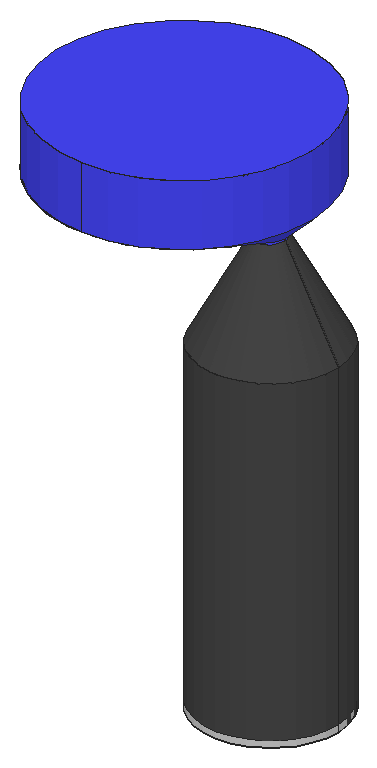
Revit family "Platek_Flamingo_Downlight", category Apparecchi per illuminazione, Revit 2017
Family settings
  Quota connettore circolare = Usa diametro
  Tipo di parte = Normale
  Basato su piano di lavoro = No
  Sempre verticale = Sì
  Taglio con vuoti quando caricato = No
  Sorgente d'illuminazione = Sì
  Condiviso = No
  Punto di calcolo locali = No
Parameters (values of type "3070116_9W_LED_3000K_H170mm")
  Stem.0.698_629.999 = yes
  Stem. = if(Stem.0.698_629.999, 0.698 mm, 629.999 mm)  # 0.698 mm
  Wattage = 2.59186 W
  H.170.000_800.000 = yes
  H. = if(H.170.000_800.000, 170.000 mm, 800.000 mm)  # 170.000 mm
  Variazione temperatura colore lampada con luminosità attenuata = <Nessuno>
  URL = "www.platek.eu"
  built-in parameter 1150107 = 3000 (stored number, unit not read)
  Supply Voltage Min = 220 V
  Supply Voltage Max = 240 V
  Supply Voltage = 230 V
  Rendi la forma visibile nel rendering = no
  Produttore = "PLATEK SRL"  # constant formula
  Product Page URL = "http://www.platek.eu/ita/catalogo.php?cid=200003"
  Product Documentation Link = "http://www.platek.eu/ita/catalogo.php?cid=200003"
  Product Dimension = "D85mm x H170mm"
  Power Supply Unit = "Included"
  built-in parameter 1150110 = 1 (stored number, unit not read)
  built-in parameter 1150109 = 1 (stored number, unit not read)
  built-in parameter 1114218 = 1 (stored number, unit not read)
  built-in parameter 1150112 = 1 (stored number, unit not read)
  PLATEK Article Code = "3270116"
  Nota chiave = "Other Led colors available on request"
  Mounting Type = "Table"
  Modello = "Flamingo Downlight"  # constant formula
  built-in parameter 1150137 = (empty or 0)
  built-in parameter 1150132 = 2
  Manufacturer Comment = "IP68 Connector Included"
  Luminaire Wattage = 9 W
  Luminaire Luminous Intensity = 259 cd
  Luminaire Luminous Flux = 385 lm
  Light Source = PLK_Light Source
  Lampada = "LED"
  LED Protection = "Surge protection included"
  built-in parameter 1150105 = 261.05 (stored number, unit not read)
  built-in parameter 1150102 = (empty or 0)
  Insulation Class = "1"
  Immagine tipo = flamingo_downlight_170.jpg
  built-in parameter 1150106 = 2.6105 (stored number, unit not read)
  IP Rating = "IP65"
  IK Rating = "IK 06"
  Frequency = "50/60 Hz"
  Lumens = 385 lm
  Color Filter = 16777215
  File diagramma fotometrico = "3070116.IES"
  built-in parameter 1114217 = 1 (stored number, unit not read)
  built-in parameter 1150139 = (empty or 0)
  Energy Efficiency Rating = "A/A+/A++"
  Emetti da diametro cerchio = 25.000 mm  # constant formula
  built-in parameter 1150104 = 13.8 (stored number, unit not read)
  built-in parameter 1150115 = 1 (stored number, unit not read)
  built-in parameter 1150114 = 1 (stored number, unit not read)
  built-in parameter 1150113 = 1 (stored number, unit not read)
  Dimmable = "No"
  Diffuse Type = "Polycarbonate"
  Descrizione = "Outdoor lighting, downlight, ceiling mounted"
  Commenti sul tipo = "Suitable for restaurants, balconies, terraces, lounge areas, hall"
  Colour Temperature = 3000 K
  built-in parameter 1150134 = (empty or 0)
  built-in parameter 1150138 = (empty or 0)
  Codice assieme = "3070116.01(Black); 3070116.09(Bronze)"
  Apparent Load = 0 VA
  Cable Lenght = "0,1 (2x1 mm²)"
  CRI = ">80"
  Body = PLK_Black
  Beam Angle = 76.00°
  Tilt Angle = 90.00°
  built-in parameter 1150133 = 10 (stored number, unit not read)
Types (3, lengths in mm): name | Stem.0.698_629.999 | Stem. | H.170.000_800.000 | H. | Product Dimension | PLATEK Article Code | Mounting Type | Immagine tipo | File diagramma fotometrico | Codice assieme | Body
  (no name) | yes | 0.698 | yes | 170.000 | "D85mm x H170mm" | "3270116" | "Table" | flamingo_downlight_170.jpg | "3070116.IES" | "3070116.01(Black); 3070116.09(Bronze)" | PLK_Black
  3070216_9W_LED_3000K_H800mm | no | 629.999 | no | 800.000 | "L85m x H800m" | "3270216" | "ceiling mounted" | flamingo_downlight_800.jpg | "3070216.IES" | "3070216.01(Black); 3070216.09(Bronze)" | PLK_Aluminium_Black
  3070116_9W_LED_3000K_H170mm | yes | 0.698 | yes | 170.000 | "D85mm x H170mm" | "3270116" | "Table" | flamingo_downlight_170.jpg | "3070116.IES" | "3070116.01(Black); 3070116.09(Bronze)" | PLK_Black
Reference planes
  plane 1 "Centro (Fronte/Retro)": y = 0
  plane 2: z = 0
  plane 3 "Centro (Sinistra/Destra)": x = 0
  plane 4: z = -29.302
  plane 5: y = -0.336
  plane 6: z = -30
  plane 7: z = -170
  plane 8: z = -167.74
Forms (mm)
  Extrusion 1, solid, material "PLK_Black" <- "Body", detail levels medium+fine
    sketch origin (-1124.029, -1701.25, 125.057) x (0, 1, 0) y (1, 0, 0)
      loop
        circle (1700.914, 1122.236) r 42.5
    from 125.058 to 145.458
  Blend 2, solid, material "PLK_Black" <- "Body", detail levels medium+fine
    base sketch origin (-1124.029, -1701.25, -20.401) x (1, 0, 0) y (0, 1, 0)
      loop
        circle (1122.236, 1700.914) r 42.5
    top sketch origin (-1124.029, -1701.25, -20.401) x (1, 0, 0) y (0, 1, 0)
      loop
        circle (1150.673, 1700.914) r 5
    from 0 to -8.901
  Extrusion 3, solid, material "PLK_Black" <- "Body", detail levels medium+fine
    sketch origin (-1.865, 0, -285.709) x (1, 0, 0) y (0, 1, 0)
      loop
        circle (28.438, -0.336) r 5
    from 255.709 to 256.407
  Extrusion 4, solid, material "PLK_Light Source" <- "Light Source"
    sketch origin (26.572, -342.5, -1418.43) x (-1, 0, 0) y (0, -1, 0)
      loop
        circle (0, -342.49) r 22.5
    from 1248.43 to 1250.69
  Extrusion 5, solid, material "PLK_Black" <- "Body", detail levels coarse
    sketch origin (0, 0, -383) x (-1, 0, 0) y (0, -1, 0)
      loop
        circle (0, 0) r 49.073
    from 213 to 383
Dimensions and locks
  "Stem.": plane 4 to plane 6
  "H.": level to plane 7
  locked: plane 6 to plane 7 at 140
  locked: plane 8 to plane 7 at 2.26
  aligned and locked: level to plane 2
  aligned and locked: Blend 2 to Extrusion 3
  aligned and locked: plane 4 to Extrusion 3
  aligned and locked: plane 4 to Blend 2
  aligned and locked: level to Extrusion 5
  aligned and locked: nested 1 to imposter light
  aligned and locked: Extrusion 3 to plane 6
  aligned and locked: Extrusion 5 to plane 7
  aligned and locked: Extrusion 4 to nested 1
  aligned and locked: plane 8 to Extrusion 4
  aligned and locked: plane 6 to nested 1
  aligned and locked: nested 1 to Extrusion 3
  aligned and locked: imposter light to Extrusion 4
  aligned and locked: imposter light to nested 1
  aligned and locked: plane 7 to imposter light
Automatic sketch dimensions
  plane 5 to Extrusion 1 sketch curve = 0.000 mm
  Extrusion 1 sketch curve to plane 3 "Centro (Sinistra/Destra)" = 1.793 mm
  plane 5 to Blend 2 sketch curve = 0.000 mm  (x2)
  Blend 2 sketch curve to plane 3 "Centro (Sinistra/Destra)" = 1.793 mm
  plane 3 "Centro (Sinistra/Destra)" to Blend 2 sketch curve = 26.644 mm
  plane 5 to Extrusion 3 sketch curve = 0.000 mm
  plane 3 "Centro (Sinistra/Destra)" to Extrusion 3 sketch curve = 26.573 mm
  plane 1 "Centro (Fronte/Retro)" to Extrusion 4 sketch curve = 0.010 mm
  plane 3 "Centro (Sinistra/Destra)" to Extrusion 4 sketch curve = 26.572 mm
  plane 1 "Centro (Fronte/Retro)" to Extrusion 5 sketch curve = 0.000 mm
  Extrusion 5 sketch curve to plane 3 "Centro (Sinistra/Destra)" = 0.000 mm
  radius of Extrusion 1 sketch curve = 42.500 mm
  radius of Blend 2 sketch curve = 42.500 mm
  radius of Blend 2 sketch curve = 5.000 mm
  radius of Extrusion 3 sketch curve = 5.000 mm
  radius of Extrusion 4 sketch curve = 22.500 mm
  radius of Extrusion 5 sketch curve = 49.073 mm
Nested families
  nested 1: "PLK_FLAMINGO 2" at (26.573, 0, -170), type "PLK_FLAMINGO 2"
Connectors
  electrical at (0, 0, 0), driven by "Supply Voltage", driven by "Apparent Load"
    settings: index 1, voltage 230 V, apparent load 0 VA, apparent load phase1 0 VA, apparent load phase2 0 VA, apparent load phase3 0 VA, power factor 1, load classification "Illuminazione", number of poles 1, system type 30, power factor state 1, is connector primary yes, connector utility no, sub classification motor no, connector description ""
Definition of nested family "PLK_FLAMINGO 2"
  Parameters (values of type "PLK_FLAMINGO 2")
    Manufacturer = "PLATEK SRL"  # constant formula
    Mat_Piatto = none
    Mat = none
    Body = none
  Reference planes
    plane 1 "Centro (Fronte/Retro)": y = 0
    plane 2: z = 0
    plane 3 "Centro (Sinistra/Destra)": x = 0
    plane 4: z = 140
    plane 5: z = 0
    plane 6: x = 0
    plane 7: through (-4.963, -1524, 140) normal (0.8754, 0, -0.4834)
  Forms (mm)
    Extrusion 1, solid, material <- "Body", detail levels coarse+medium
      sketch origin (0, 0, 0) x (1, 0, 0) y (0, 1, 0)
        loop
          circle (0, 0) r 22.5
      from 0 to 140
    Revolve 2, solid, material <- "Body"
      sketch origin (226.469, 0, -1708.668) x (0.990267, 0, 0.139183) y (-0.139183, 0, 0.990267)
        loop
          line (33.136, 1862.886) -> (28.125, 1862.886) -> (6.338, 1833.874) -> (-8.727, 1726.69) -> (-3.776, 1725.994) -> (-3.461, 1728.231) -> (13.868, 1725.796) -> (33.136, 1862.886)
        axis (33.136, 1862.886) -> (13.553, 1723.558)
      angle from 0 to 360
  Dimensions and locks
    aligned and locked: level to plane 2
    aligned and locked: Extrusion 1 to level
    aligned and locked: plane 5 to plane 2
    aligned and locked: plane 5 to Extrusion 1
    aligned and locked: plane 4 to Extrusion 1
    aligned and locked: Revolve 2 sketch curve to plane 6
